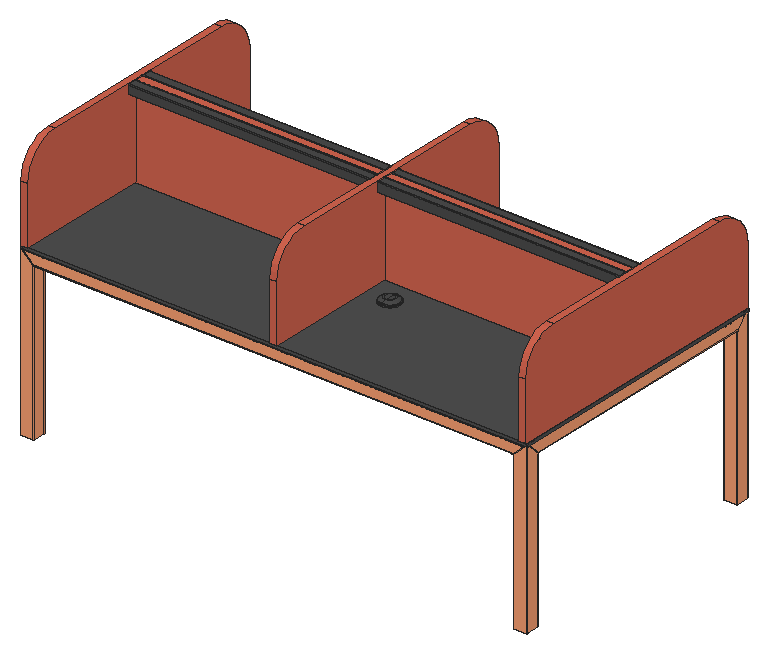
Revit family "Table_MARK_Type Focus_ 4Booth_2200x1200-Rev2", category Furniture, Revit 2015
Parameters (values of type "MidSepLength")
  Weight = ""
  URL = "http://www.markproduct.com/products/"
  Sales_Email = "enquiries@markproduct.com"  # constant formula
  Revit Version = "Revit 2015"  # constant formula
  Product Desctription = " Type FocusTable System"  # constant formula
  Product Color = "Available all color"  # constant formula
  Product Category = " Type FocusTable System"  # constant formula
  Part Number = ""
  Offset = 20 mm
  Model Version = "1"  # constant formula
  Model = " 1100x2200 mm 4 Booth Type FocusTable System"  # constant formula
  MidSepLength = (Width - 10 mm - 60 mm) / 2 - 15 mm  # 1050 mm
  Material_TableTop = Mark_BALCK 2
  Material_Frame = Mark_Orange
  Material_Seperator = Mark_Red5
  Manufaturer Phone Number = "01209 860 133"  # constant formula
  Manufacturer_Email = "enquiries@markproduct.com"  # constant formula
  Manufacturer URL = "http://www.markproduct.com/"
  Manufacturer Adress = "Rosemanowes Quarry, Herniss, Penryn,\r\n\r\nCornwall, TR10 9DU"  # constant formula
  Manufacturer = "MARK"
  Width = 2200 mm  # constant formula
  Leg_Offset = 55 mm  # constant formula
  LegHeight = Height + 10 mm - 12 mm  # 738 mm
  Height = 740 mm  # constant formula
  Frame Width = 50 mm
  Fixture Material = Mark_BALCK
  Fillet = 3 mm
  Depth = 1200 mm  # constant formula
  Creation Date = "June 20, 2020"  # constant formula
  Author = "Ulas Deniz (revitizm@gmal.com)"  # constant formula
  Assembly Code = "E2020500"
Types (2, lengths in mm): name | URL | Material_TableTop | Material_Frame | Material_Seperator | Fixture Material | Assembly Code
  Table 1 | "http://www.markproduct.com/products/studioscape/" | Linen, Blue_Light | Metal Panel | Linen, Blue | Metal Panel | "E2020400"
  MidSepLength | "http://www.markproduct.com/products/" | Mark_BALCK 2 | Mark_Orange | Mark_Red5 | Mark_BALCK | "E2020500"
Reference planes
  plane 1 "Center Front/Back": y = 0
  plane 2: z = 0
  plane 3 "Center Left/Right": x = 0
  plane 4 "Frame Top": z = 728
  plane 5: x = -1100
  plane 6: y = 600
  plane 7: y = -600
  plane 8: x = 1100
  plane 9 "Frame Bottom": z = 678
  plane 10 "TABLE TOP": z = 740
  plane 11: x = -1095
  plane 12: x = 1095
  plane 13: x = -1065
  plane 14: x = 1065
  plane 15: x = -15
  plane 16: x = 15
  plane 17: x = -120
  plane 18: x = 120
  plane 19: y = 120
  plane 20: y = -120
  plane 21: x = -540
  plane 22: x = 540
Dimensions and locks
  plane 6 to plane 7 = 1200 mm
  plane 5 to plane 8 = 2200 mm
  equal spacing: plane 6, plane 1 "Center Front/Back", plane 7
  equal spacing: plane 5, plane 3 "Center Left/Right", plane 8
  "Frame Width": plane 4 "Frame Top" to plane 9 "Frame Bottom"
  locked: plane 10 "TABLE TOP" to plane 4 "Frame Top" at 12
  locked: level to plane 10 "TABLE TOP" at 740
  locked: plane 12 to plane 8 at 5
  locked: plane 5 to plane 11 at 5
  plane 17 to nested 17 to plane 18 = 120 mm locked, 120 mm locked
  plane 19 to nested 18 to plane 20 = 120 mm locked, 120 mm locked
  equal spacing: plane 13, plane 21, plane 15
  equal spacing: plane 16, plane 22, plane 14
  locked: plane 11 to plane 13 at 30
  locked: plane 14 to plane 12 at 30
  plane 15 to plane 3 "Center Left/Right" to plane 16 = 15 mm locked, 15 mm locked
  aligned and locked: level to plane 2
  aligned and locked: nested 4 to plane 4 "Frame Top"
  aligned and locked: plane 1 "Center Front/Back" to nested 4
  aligned and locked: plane 5 to nested 2
  aligned and locked: plane 7 to nested 2
  aligned and locked: nested 9 to plane 8
  aligned and locked: nested 9 to plane 6
  aligned and locked: plane 5 to nested 1
  aligned and locked: nested 1 to plane 6
  aligned and locked: nested 3 to plane 8
  aligned and locked: plane 7 to nested 3
  aligned and locked: plane 4 "Frame Top" to nested 13
  aligned and locked: plane 4 "Frame Top" to nested 12
  aligned and locked: plane 4 "Frame Top" to nested 10
  aligned and locked: plane 4 "Frame Top" to nested 11
  aligned and locked: plane 6 to nested 12
  aligned and locked: nested 13 to plane 7
  aligned and locked: nested 11 to nested 4
  aligned and locked: nested 12 to plane 3 "Center Left/Right"
  aligned and locked: plane 3 "Center Left/Right" to nested 13
  aligned and locked: plane 8 to nested 11
  aligned and locked: plane 1 "Center Front/Back" to nested 10
  aligned and locked: nested 10 to plane 5
  aligned and locked: plane 3 "Center Left/Right" to nested 4
  aligned and locked: nested 14 to plane 10 "TABLE TOP"
  aligned and locked: nested 15 to plane 10 "TABLE TOP"
  aligned and locked: nested 16 to plane 10 "TABLE TOP"
  aligned and locked: nested 16 to nested 15
  aligned and locked: plane 1 "Center Front/Back" to nested 16
  aligned and locked: nested 16 to nested 17
  aligned and locked: nested 17 to nested 4
  aligned and locked: nested 4 to nested 18
  aligned and locked: plane 17 to nested 7
  aligned and locked: plane 18 to nested 8
  aligned and locked: plane 18 to nested 6
  aligned and locked: plane 17 to nested 5
  aligned and locked: nested 5 to plane 20
  aligned and locked: nested 6 to plane 20
  aligned and locked: nested 8 to plane 19
  aligned and locked: nested 7 to plane 19
  aligned and locked: plane 11 to nested 14
  aligned and locked: plane 12 to nested 15
  aligned and locked: plane 21 to nested 16
  aligned and locked: plane 14 to nested 18
  aligned and locked: nested 18 to plane 10 "TABLE TOP"
  aligned and locked: nested 17 to plane 10 "TABLE TOP"
Nested families
  nested 1: "Leg2" at (-1070, 570, 0) x (0, -1, 0) z (0, 0, 1), type "Leg2"
    with Leg_Height 738 mm
  nested 2: "Leg2" at (-1070, -570, 0), type "Leg2"
    with Leg_Height 738 mm
  nested 3: "Leg2" at (1070, -570, 0) x (0, 1, 0) z (0, 0, 1), type "Leg2"
    with Leg_Height 738 mm
  nested 4: "TableTopFlat" at (0, 0, 728), type "TableTopFlat"
    with Width 2200 mm, Depth 1200 mm
  nested 5: "Priz" at (-120, -120, 740), type "Priz"
  nested 6: "Priz" at (120, -120, 740), type "Priz"
  nested 7: "Priz" at (-120, 120, 740), type "Priz"
  nested 8: "Priz" at (120, 120, 740), type "Priz"
  nested 9: "Leg2" at (1070, 570, 0) x (-1, 0, 0) z (0, 0, 1), type "Leg2"
    with Leg_Height 738 mm
  nested 10: "FrameElement" at (-1100, 0, 678) x (0, -1, 0) z (0, 0, 1), Length <- "Depth", type "FrameElement"
    with Length 1200 mm
  nested 11: "FrameElement" at (1100, 0, 678) x (0, 1, 0) z (0, 0, 1), Length <- "Depth", type "FrameElement"
    with Length 1200 mm
  nested 12: "FrameElement" at (0, 600, 678) x (-1, 0, 0) z (0, 0, 1), Length <- "Width", type "FrameElement"
    with Length 2200 mm
  nested 13: "FrameElement" at (0, -600, 678), Length <- "Width", type "FrameElement"
    with Length 2200 mm
  nested 14: "Seperator" at (-1080, 0, 740) x (0, -1, 0) z (0, 0, 1), Length <- "Depth", type "Seperator"
    with RightFilletLength 60 mm, RightFillet yes, Length 1200 mm, LeftFilletLength 60 mm, LeftFillet yes, Thickness 30 mm, Height 400 mm
  nested 15: "Seperator" at (1080, 0, 740) x (0, -1, 0) z (0, 0, 1), Length <- "Depth", type "Seperator"
    with RightFilletLength 60 mm, RightFillet yes, Length 1200 mm, LeftFilletLength 60 mm, LeftFillet yes, Thickness 30 mm, Height 400 mm
  nested 16: "MidSep" at (-540, 0, 740), Length <- "MidSepLength", type "MidSep"
    with Length 1050 mm, BackProfile yes
  nested 17: "Seperator" at (0, 0, 740) x (0, -1, 0) z (0, 0, 1), Length <- "Depth", type "Seperator"
    with RightFilletLength 60 mm, RightFillet yes, Length 1200 mm, LeftFilletLength 60 mm, LeftFillet yes, Thickness 30 mm, Height 400 mm
  nested 18: "MidSep" at (540, 0, 740), Length <- "MidSepLength", type "MidSep"
    with Length 1050 mm, BackProfile yes
Definition of nested family "Leg2"
  Parameters (values of type "Leg2")
    Leg_Width = 60 mm
    Leg_Height = 760 mm
    Leg_Depth = 60 mm
    Leg Material = none
    Fillet = 3 mm
  Reference planes
    plane 1 "Center (Front/Back)": y = 0
    plane 2: z = 0
    plane 3 "Center (Left/Right)": x = 0
    plane 4: x = -30
    plane 5: x = 30
    plane 6: y = -30
    plane 7: y = 30
    plane 8: z = 3
    plane 9: z = 760
    plane 10: z = 750
  Forms (mm)
    Extrusion 1, solid, material <- "Leg Material"
      sketch origin (0, 0, 0) x (1, 0, 0) y (0, 1, 0)
        loop
          arc (-27, 30) -> (-29.121, 29.121) -> (-30, 27) r 3
          line (-30, 27) -> (-30, -27)
          arc (-30, -27) -> (-29.121, -29.121) -> (-27, -30) r 3
          line (-27, -30) -> (27, -30)
          arc (27, -30) -> (29.121, -29.121) -> (30, -27) r 3
          line (30, -27) -> (30, 27)
          arc (30, 27) -> (29.121, 29.121) -> (27, 30) r 3
          line (27, 30) -> (-27, 30)
      from 3 to 760
    Extrusion 2, solid
      sketch origin (0, 0, 0) x (1, 0, 0) y (0, 1, 0)
        loop
          circle (0, 0) r 20
      from 0 to 3
    Extrusion 3, void
      sketch origin (0, 0, 0) x (1, 0, 0) y (0, 0, 1)
        loop
          line (30, 760) -> (-30, 760) -> (30, 700) -> (30, 760)
      from -30 to 30
    Extrusion 4, void
      sketch origin (0, 0, 0) x (0, 1, 0) y (0, 0, 1)
        loop
          line (30, 700) -> (30, 760) -> (-30, 760) -> (30, 700)
      from -30 to 30
    Extrusion 5, void
      sketch origin (0, 0, 0) x (1, 0, 0) y (0, 0, 1)
        loop
          line (-30, 750) -> (48.117, 750) -> (48.117, 760) -> (-30, 760) -> (-30, 750)
      from -30 to 30
  Cuts and joins
    Extrusion 3, Extrusion 4, Extrusion 5 cuts Extrusion 1
  Dimensions and locks
    "Leg_Width": plane 4 to plane 5
    "Leg_Depth": plane 7 to plane 6
    equal spacing: plane 7, plane 1 "Center (Front/Back)", plane 6
    equal spacing: plane 4, plane 3 "Center (Left/Right)", plane 5
    "Leg_Height": plane 9 to level
    plane 8 to level = 3 mm
    "Leg_Width": plane 9 to Extrusion 3 sketch curve
    "Leg_Width": Extrusion 4 sketch curve to Extrusion 4 sketch curve
    "Leg_Width": cut or joined group of Extrusion 1, Extrusion 3, Extrusion 4, Extrusion 5 to Extrusion 4 sketch curve
    plane 9 to plane 10 = 10 mm  (x2)
    "Fillet": radius of Extrusion 1 sketch curve  (x4)
    aligned and locked: level to plane 2
    aligned and locked: Extrusion 1 sketch curve to plane 7
    aligned and locked: plane 4 to Extrusion 1 sketch curve
    aligned and locked: plane 6 to Extrusion 1 sketch curve
    aligned and locked: Extrusion 1 sketch curve to plane 5
    aligned and locked: Extrusion 1 to plane 8
    aligned and locked: plane 1 "Center (Front/Back)" to Extrusion 2 sketch curve
    aligned and locked: plane 3 "Center (Left/Right)" to Extrusion 2 sketch curve
    aligned and locked: Extrusion 2 to Extrusion 1
    aligned and locked: plane 9 to Extrusion 1
    aligned and locked: Extrusion 3 sketch curve to Extrusion 1
    aligned and locked: Extrusion 1 to Extrusion 3 sketch curve
    aligned and locked: Extrusion 4 sketch curve to cut or joined group of Extrusion 1, Extrusion 3, Extrusion 4, Extrusion 5
    aligned and locked: Extrusion 4 sketch curve to plane 9
    aligned and locked: Extrusion 4 to Extrusion 1
    aligned and locked: Extrusion 1 to Extrusion 4
    aligned and locked: Extrusion 1 to Extrusion 3
    aligned and locked: Extrusion 3 to Extrusion 1
    aligned and locked: Extrusion 5 sketch curve to plane 10
    aligned and locked: Extrusion 5 sketch curve to cut or joined group of Extrusion 1, Extrusion 3, Extrusion 4, Extrusion 5
    aligned and locked: plane 9 to Extrusion 5 sketch curve
    aligned and locked: cut or joined group of Extrusion 1, Extrusion 3, Extrusion 4, Extrusion 5 to Extrusion 5
    aligned and locked: Extrusion 5 to cut or joined group of Extrusion 1, Extrusion 3, Extrusion 4, Extrusion 5
  Automatic sketch dimensions
    Extrusion 1 sketch curve to plane 5 = 0 mm
    Extrusion 3 sketch curve to plane 3 "Center (Left/Right)" = 30 mm
    plane 3 "Center (Left/Right)" to Extrusion 5 sketch curve = 48.117 mm
    radius of Extrusion 2 sketch curve = 20 mm
Definition of nested family "TableTopFlat"
  Parameters (values of type "TableTopFlat")
    Width = 3118 mm
    Thickness = 12 mm
    Depth = 1400 mm
    Leg Material = none
    Fillet = 3 mm
    Chamfer = 2 mm
  Reference planes
    plane 1 "Center (Front/Back)": y = 0
    plane 2: z = 0
    plane 3 "Center (Left/Right)": x = 0
    plane 4: x = -1559
    plane 5: x = 1559
    plane 6: y = -700
    plane 7: y = 700
    plane 8: z = 12
  Forms (mm)
    Extrusion 1, solid, material <- "Leg Material"
      sketch origin (0, 0, 0) x (1, 0, 0) y (0, 1, 0)
        loop
          arc (-1556, 700) -> (-1558.121, 699.121) -> (-1559, 697) r 3
          line (-1559, 697) -> (-1559, -697)
          arc (-1559, -697) -> (-1558.121, -699.121) -> (-1556, -700) r 3
          line (-1556, -700) -> (1556, -700)
          arc (1556, -700) -> (1558.121, -699.121) -> (1559, -697) r 3
          line (1559, -697) -> (1559, 697)
          arc (1559, 697) -> (1558.121, 699.121) -> (1556, 700) r 3
          line (1556, 700) -> (-1556, 700)
      from 0 to 12
  Dimensions and locks
    "Width": plane 4 to plane 5
    "Depth": plane 7 to plane 6
    equal spacing: plane 7, plane 1 "Center (Front/Back)", plane 6
    equal spacing: plane 4, plane 3 "Center (Left/Right)", plane 5
    "Thickness": plane 8 to level
    "Fillet": radius of Extrusion 1 sketch curve  (x4)
    aligned and locked: level to plane 2
    aligned and locked: Extrusion 1 sketch curve to plane 7
    aligned and locked: Extrusion 1 sketch curve to plane 4
    aligned and locked: Extrusion 1 sketch curve to plane 6
    aligned and locked: Extrusion 1 sketch curve to plane 5
    aligned and locked: Extrusion 1 to plane 8
    aligned and locked: Extrusion 1 to level
  Automatic sketch dimensions
    Extrusion 1 sketch curve to plane 5 = 0 mm
Definition of nested family "Priz"
  Parameters (values of type "Priz")
    Material = none
    Default Elevation = 1219.2 mm
  Reference planes
    plane 1 "Center (Front/Back)": y = 0
    plane 2: z = 0
    plane 3 "Center (Left/Right)": x = 0
  Forms (mm)
    Extrusion 1, solid
      sketch origin (0, 0, 0) x (1, 0, 0) y (0, 1, 0)
        loop
          line (-1219.2, 1219.2) -> (-1219.2, -1219.2) -> (1219.2, -1219.2) -> (1219.2, 1219.2) -> (-1219.2, 1219.2)
      from 0 to -304.8
    Revolve 2, solid, material <- "Material"
      sketch origin (0, 0, 0) x (0, 1, 0) y (0, 0, 1)
        loop
          line (-45, 0) -> (0, 0) -> (0, 15.6) -> (-21.143, 15.6)
          arc (-21.143, 15.6) -> (-22.631, 15.4) -> (-24.013, 14.814) r 5.629
          line (-24.013, 14.814) -> (-40.976, 5.684)
          arc (-40.976, 5.684) -> (-41.361, 5.316) -> (-41.502, 4.803) r 1
          line (-41.502, 4.803) -> (-41.502, 3.667)
          arc (-41.502, 3.667) -> (-41.699, 3.088) -> (-42.208, 2.748) r 0.952
          line (-42.208, 2.748) -> (-44.268, 2.196)
          arc (-44.268, 2.196) -> (-44.796, 1.843) -> (-45, 1.242) r 0.987
          line (-45, 1.242) -> (-45, 0)
        axis (0, 15.6) -> (0, 0)
      angle from 0 to 360
  Dimensions and locks
    Revolve 2 sketch curve to Extrusion 1 = 15.6 mm
    aligned and locked: plane 2 to Extrusion 1
    aligned and locked: level to Extrusion 1
Definition of nested family "FrameElement"
  Parameters (values of type "FrameElement")
    Material = none
    Length [instance] = 1400 mm
    H [instance] = 50 mm
    Fillet = 3 mm
  Reference planes
    plane 1 "Center (Front/Back)": y = 0
    plane 2: z = 0
    plane 3 "Center (Left/Right)": x = 0
    plane 4: x = -700
    plane 5: x = 700
    plane 6: y = 50
    plane 7: z = 50
    plane 8: x = -690
    plane 9: x = 690
  Forms (mm)
    Extrusion 1, solid, material <- "Material"
      sketch origin (0, 0, 0) x (1, 0, 0) y (0, 0, 1)
        loop
          line (-690, 50) -> (-640, 0) -> (640, 0) -> (690, 50) -> (-690, 50)
      from 0 to -50
    Extrusion 2, void
      sketch origin (0, 0, 0) x (0, 1, 0) y (0, 0, 1)
        loop
          line (3, 50) -> (0, 50) -> (0, 47)
          arc (0, 47) -> (0.879, 49.121) -> (3, 50) r 3
        loop
          arc (3, 0) -> (0.879, 0.879) -> (0, 3) r 3
          line (0, 3) -> (0, 0) -> (3, 0)
      from -690 to 690
  Cuts and joins
    Extrusion 2 cuts Extrusion 1
  Lines and regions (mm)
    reference lines
      curve 1: line (-690, 0, 50) -> (-633.431, 0, -6.569)
      curve 2: line (690, 0, 50) -> (640, 0, 0)
  Dimensions and locks
    "Length": plane 4 to plane 5
    equal spacing: plane 4, plane 3 "Center (Left/Right)", plane 5
    locked: plane 7 to level at 50
    locked: plane 8 to plane 4 at 10
    locked: plane 5 to plane 9 at 10
    plane 1 "Center (Front/Back)" to plane 6 = 50 mm
    "H": level to plane 7
    "Fillet": radius of Extrusion 2 sketch curve  (x2)
    locked: plane 7 to curve 2 (angle 45.00°)
    locked: plane 8 to curve 1 (angle 45.00°)
    aligned and locked: plane 2 to level
    aligned and locked: plane 8 to curve 1
    aligned and locked: plane 9 to curve 2
    aligned and locked: Extrusion 1 sketch curve to plane 7
    aligned and locked: Extrusion 1 sketch curve to level
    aligned and locked: curve 1 to Extrusion 1 sketch curve
    aligned and locked: Extrusion 1 sketch curve to curve 2
    aligned and locked: plane 6 to Extrusion 1
    aligned and locked: Extrusion 2 sketch curve to Extrusion 1
    aligned and locked: Extrusion 2 sketch curve to curve 1
    aligned and locked: Extrusion 1 to Extrusion 2 sketch curve
    aligned and locked: curve 2 to Extrusion 2 sketch curve
    aligned and locked: plane 9 to Extrusion 2
    aligned and locked: Extrusion 2 to plane 8
  Automatic sketch dimensions
    curve 2 to level = 0 mm
    curve 1 to plane 7 = 0 mm
Definition of nested family "Seperator"
  Parameters (values of type "Seperator")
    Thickness = 36 mm
    RightFilletLength [instance] = if(RightFillet, 60 mm, 20 mm)  # 60 mm
    RightFillet [instance] = yes
    Material = none
    Length [instance] = 1500 mm
    LeftFilletLength [instance] = if(LeftFillet, 60 mm, 20 mm)  # 60 mm
    LeftFillet [instance] = yes
    Height = 500 mm
  Reference planes
    plane 1 "Center (Front/Back)": y = 0
    plane 2: z = 0
    plane 3 "Center (Left/Right)": x = 0
    plane 4: x = -750
    plane 5: x = 750
    plane 6: y = 18
    plane 7: y = -18
    plane 8: z = 500
    plane 9: y = 40
  Forms (mm)
    Extrusion 1, solid, material <- "Material"
      sketch origin (0, 0, 0) x (1, 0, 0) y (0, 1, 0)
        loop
          line (-750, 18) -> (-750, -18) -> (750, -18) -> (750, 18) -> (-750, 18)
      from 0 to 500
    Extrusion 2, void
      sketch origin (-1040, 40, 1200) x (1, 0, 0) y (0, 0, 1)
        loop
          arc (1640, -700) -> (1746.066, -743.934) -> (1790, -850) r 150
          line (1790, -850) -> (1790, -700) -> (1640, -700)
      from 0 to 60 <- "RightFilletLength"
    Extrusion 3, void
      sketch origin (-1040, 40, 1200) x (1, 0, 0) y (0, 0, 1)
        loop
          line (440, -700) -> (290, -700) -> (290, -850)
          arc (290, -850) -> (333.934, -743.934) -> (440, -700) r 150
      from 0 to 60 <- "LeftFilletLength"
  Cuts and joins
    Extrusion 2, Extrusion 3 cuts Extrusion 1
  Dimensions and locks
    equal spacing: plane 6, plane 1 "Center (Front/Back)", plane 7
    "Thickness": plane 6 to plane 7
    equal spacing: plane 4, plane 3 "Center (Left/Right)", plane 5
    "Length": plane 4 to plane 5
    "Height": plane 8 to level
    locked: plane 9 to plane 6 at 22
    aligned and locked: level to plane 2
    aligned and locked: Extrusion 1 sketch curve to plane 6
    aligned and locked: plane 4 to Extrusion 1 sketch curve
    aligned and locked: plane 7 to Extrusion 1 sketch curve
    aligned and locked: Extrusion 1 sketch curve to plane 5
    aligned and locked: plane 8 to Extrusion 1
    aligned and locked: Extrusion 1 to Extrusion 2 sketch curve
    aligned and locked: Extrusion 2 sketch curve to Extrusion 1
    aligned and locked: Extrusion 3 sketch curve to plane 8
    aligned and locked: Extrusion 3 sketch curve to cut or joined group of Extrusion 1, Extrusion 2, Extrusion 3
  Automatic sketch dimensions
    Extrusion 2 sketch curve to Extrusion 2 sketch curve = 150 mm
    plane 4 to Extrusion 3 sketch curve = 150 mm
Definition of nested family "MidSep"
  Parameters (values of type "MidSep")
    Thickness = 36 mm
    Material = none
    Length [instance] = 1500 mm
    Fixture material = none
    BackProfile [instance] = yes
    Height = 400 mm
  Reference planes
    plane 1 "Center (Front/Back)": y = 0
    plane 2: z = 0
    plane 3 "Center (Left/Right)": x = 0
    plane 4: x = -750
    plane 5: x = 750
    plane 6: y = 18
    plane 7: y = -18
    plane 8: z = 400
  Forms (mm)
    Extrusion 1, solid, material <- "Material"
      sketch origin (0, 0, 0) x (1, 0, 0) y (0, 1, 0)
        loop
          line (-750, 18) -> (-750, -18) -> (750, -18) -> (750, 18) -> (-750, 18)
      from 0 to 400
    Extrusion 2, solid, material <- "Fixture material"
      sketch origin (0, 0, 0) x (0, 1, 0) y (0, 0, 1)
        loop
          line (-20, 400) -> (-56, 400)
          arc (-56, 400) -> (-57.414, 399.414) -> (-58, 398) r 2
          line (-58, 398) -> (-58, 360) -> (-56, 360) -> (-56, 398) -> (-20, 398) -> (-20, 360) -> (-18, 360) -> (-18, 398)
          arc (-18, 398) -> (-18.586, 399.414) -> (-20, 400) r 2
      from -750 to 750
    Extrusion 3, solid, material <- "Fixture material", visible <- "BackProfile"
      sketch origin (0, 0, 0) x (0, -1, 0) y (0, 0, -1)
        loop
          arc (-20, -400) -> (-18.586, -399.414) -> (-18, -398) r 2
          line (-18, -398) -> (-18, -360) -> (-20, -360) -> (-20, -398) -> (-56, -398) -> (-56, -360) -> (-58, -360) -> (-58, -398)
          arc (-58, -398) -> (-57.414, -399.414) -> (-56, -400) r 2
          line (-56, -400) -> (-20, -400)
      from -750 to 750
  Dimensions and locks
    equal spacing: plane 6, plane 1 "Center (Front/Back)", plane 7
    "Thickness": plane 6 to plane 7
    equal spacing: plane 4, plane 3 "Center (Left/Right)", plane 5
    "Length": plane 4 to plane 5
    "Height": plane 8 to level
    Extrusion 2 sketch curve to Extrusion 2 sketch curve to Extrusion 2 sketch curve to Extrusion 2 sketch curve = 2 mm locked, 36 mm locked, 2 mm locked
    Extrusion 3 sketch curve to Extrusion 3 sketch curve to Extrusion 3 sketch curve to Extrusion 3 sketch curve = 2 mm locked, 36 mm locked, 2 mm locked
    aligned and locked: level to plane 2
    aligned and locked: Extrusion 1 sketch curve to plane 6
    aligned and locked: plane 4 to Extrusion 1 sketch curve
    aligned and locked: plane 7 to Extrusion 1 sketch curve
    aligned and locked: Extrusion 1 sketch curve to plane 5
    aligned and locked: plane 8 to Extrusion 1
    aligned and locked: Extrusion 3 to plane 6
    aligned and locked: plane 7 to Extrusion 2
    aligned and locked: plane 5 to Extrusion 2
    aligned and locked: plane 5 to Extrusion 3
    aligned and locked: Extrusion 3 to plane 4
    aligned and locked: Extrusion 2 to plane 4
  Automatic sketch dimensions
    Extrusion 2 sketch curve to plane 8 = 0 mm
    Extrusion 2 sketch curve to plane 7 = 0 mm
    Extrusion 2 sketch curve to Extrusion 2 sketch curve = 0 mm  (x4)
    Extrusion 2 sketch curve to Extrusion 2 sketch curve = 38 mm
    Extrusion 3 sketch curve to plane 8 = 0 mm
    Extrusion 3 sketch curve to plane 6 = 0 mm
    Extrusion 3 sketch curve to Extrusion 3 sketch curve = 0 mm  (x4)
    Extrusion 3 sketch curve to Extrusion 3 sketch curve = 38 mm
